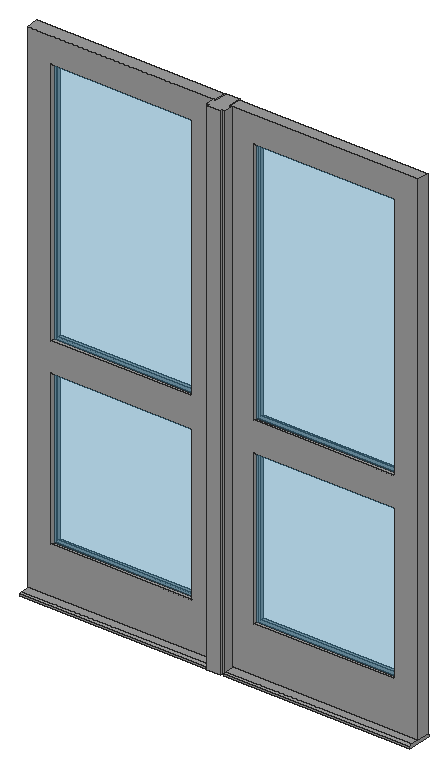
Revit family "MS-375TC DOOR-Double-1-PD-CJB-SF_v05", category Curtain Panels, Revit 2015
Parameters
  Width [instance] = 6' - 2"
  URL = "obe.com"
  Rough Width [instance] = 6' - 2 1/2"
  Offset [instance] = 0' - 0"
  Model = "MS-375TC DOOR"
  Min Panel Width [instance] = if(Rough Width > 6' 2 1/2", Rough Width, 6' 2 1/2")  # 6' - 2 1/2"
  Manufacturer = "Oldcastle BuildingEnvelope®"
  Keynote = "08 11 00"
  Height [instance] = 8' - 0"
  Pushbar Height [instance] = 3' - 5 1/4"  # constant formula
  Glass Material = Glass
  Frame Material = Aluminum
  Door Panel Height [instance] = Height + 0' 0 19/32"  # 8' - 0 19/32"
  Description = "MS-375TC - 1\" Door Infill"
  Assembly Code = "B2030"
  Analytic Construction = "<None>"
  8 Muntin [instance] = not([4 Muntin])  # no
  4 Muntin [instance] = yes
  8 Bottom Rail [instance] = yes
  10 Bottom Rail [instance] = not([8 Bottom Rail])  # no
Reference planes (in)
  plane 1 "Front": y = 0
  plane 2: z = 0
  plane 3 "Center (Left/Right)": x = 0
  plane 4 "Left": x = -37
  plane 5 "Right": x = 37
  plane 6 "Top": z = 96
  plane 7: x = -37.25
  plane 8: x = 37.25
Text (in)
  text "Exterior" at (-54.29358, 31.38743, 0), in view "Ref. Level"
  text "Exterior" at (480, 41.53993, 89.60405), in view "Right"
  text "Exterior" at (-240, 57.82419, 105.78864), in view "Left"
Dimensions and locks (in)
  equal spacing: plane 4 "Left", plane 3 "Center (Left/Right)", plane 5 "Right"
  "Width": plane 4 "Left" to plane 5 "Right"
  "Height": plane 6 "Top" to plane 2
  equal spacing: plane 7, plane 3 "Center (Left/Right)", plane 8
  "Min Panel Width": plane 7 to plane 8
  aligned and locked: level to plane 2
  aligned and locked: plane 3 "Center (Left/Right)" to nested 1
  aligned and locked: plane 1 "Front" to nested 1
Nested families (in)
  nested 1: "MS-375TC DOOR-Double-1-PD-CJB-Panel_v05" at (0, -24, 0), Frame Material <- "Frame Material", Glass Material <- "Glass Material", 4 Muntin <- "4 Muntin", 8 Muntin <- "8 Muntin", 8 Bottom Rail <- "8 Bottom Rail", Height <- "Door Panel Height", Width <- "Min Panel Width", Offset <- "Offset", type "MS-375TC DOOR-Double-1-PD-Panel"
    with Wing Width 3' - 1 1/4", built-in parameter 1001301 6' - 2 1/2", Pushbar Heigth 3' - 5 1/4", Offset 0' - 0", built-in parameter 1001300 8' - 0 19/32", Glass at Muntin 0' - 4 9/16", Glass Material Glass, Frame Material Aluminum, Bottom Rail 0' - 8 29/32", 8 Muntin no, 8 Bottom Rail yes, 4 Muntin yes, 10 Bottom Rail no
Definition of nested family "MS-375TC DOOR-Double-1-PD-CJB-Panel_v05"
  Parameters (values of type "MS-375TC DOOR-Double-1-PD-Panel")
    Wing Width [instance] = Width / 2  # 3' - 0"
    Width [instance] = 6' - 0"
    Pushbar Heigth [instance] = 3' - 5 1/4"  # constant formula
    Offset [instance] = 0' - 1"
    Height [instance] = 8' - 0"
    Glass at Muntin [instance] = if([4 Muntin], 0' 4 9/16", 0' 8 9/16")  # 0' - 4 9/16"
    Glass Material [instance] = none
    Frame Material [instance] = none
    Bottom Rail [instance] = if([10 Bottom Rail], 0' 10 29/32", 0' 8 29/32")  # 0' - 8 29/32"
    Analytic Construction = "<None>"
    8 Muntin [instance] = not([4 Muntin])  # no
    10 Bottom Rail [instance] = not([8 Bottom Rail])  # no
    4 Muntin [instance] = yes
    8 Bottom Rail [instance] = yes
  Reference planes (in)
    plane 1 "00": y = 21.75
    plane 2: z = 0
    plane 3 "Center (Left/Right)": x = 0
    plane 4: z = 96
    plane 5: x = -36
    plane 6: x = 36
    plane 7 "Center (Front/Back)": y = 24
    plane 8 "Exterior": y = 22.25
    plane 9: z = 48
    plane 10: z = 8.90625
    plane 11: z = 43.53125
    plane 12: z = 38.96875
    plane 13: z = 90.94129
    plane 14: z = 0
    plane 15: x = 31.81629
    plane 16: x = -31.81629
    plane 17 "Offset": y = 23
    plane 18: z = 41.25
  Forms (in)
    Sweep 1, solid, material <- "Frame Material"
      path origin (0, 21.75, 0) x (1, 0, 0) y (0, 0, 1)
        loop
          line (-35.74884, 96) -> (-1.50141, 96)
      profile origin (-18.62512, 21.75, 96) x (0, 0, 1) y (0, -1, 0)
        loop
          line (-0.59375, -1.12355) -> (-0.59375, 1.12745) -> (-5.46871, 1.12745) -> (-5.46871, 0.5) -> (-5.05871, 0.5) -> (-5.05871, -0.5) -> (-5.46871, -0.5) -> (-5.46871, -1.12355) -> (-0.59375, -1.12355)
    Sweep 2, solid, material <- "Frame Material"
      path origin (0, 21.75, 0) x (1, 0, 0) y (0, 0, 1)
        loop
          line (-1.50141, 0) -> (-35.74884, 0)
      profile origin (-18.62512, 21.75, 0) x (0, 0, -1) y (0, -1, 0)
        loop
          line (-4.93343, -1.12355) -> (-0.68754, -1.12355) -> (-0.68754, 1.12745) -> (-4.93343, 1.12745) -> (-9.4375, 1.12745) -> (-9.4375, 0.5) -> (-8.90625, 0.5) -> (-8.90625, -0.5) -> (-9.4375, -0.5) -> (-9.4375, -1.12355) -> (-4.93343, -1.12355)
    Sweep 3, solid, material <- "Frame Material"
      path origin (0, 21.75, 0) x (1, 0, 0) y (0, 0, 1)
        loop
          line (36, 95.40625) -> (36, 0.68754)
      profile origin (36, 21.75, 48.0469) x (0, -1, 0) y (1, 0, 0)
        loop
          line (-1.12355, -0.09375) -> (-1.12355, -4.59371) -> (-0.5, -4.59371) -> (-0.5, -4.18371) -> (0.5, -4.18371) -> (0.5, -4.59371) -> (1.12745, -4.59371) -> (1.12745, -0.25116) -> (-1.12355, -0.09375)
    Sweep 4, solid, material <- "Frame Material"
      path origin (0, 21.75, 0) x (1, 0, 0) y (0, 0, 1)
        loop
          line (-36, 95.40625) -> (-36, 0.68754)
      profile origin (-36, 21.75, 48.0469) x (0, -1, 0) y (1, 0, 0)
        loop
          line (-1.12355, 4.59371) -> (-1.12355, 0.09375) -> (1.12745, 0.25116) -> (1.12745, 4.59371) -> (0.5, 4.59371) -> (0.5, 4.18371) -> (-0.5, 4.18371) -> (-0.5, 4.59371) -> (-1.12355, 4.59371)
    Sweep 5, solid, material <- "Frame Material"
      path origin (0, 21.75, 0) x (1, 0, 0) y (0, 0, 1)
        loop
          line (-1.50141, 48) -> (-35.74884, 48)
      profile origin (-18.62512, 21.75, 48) x (0, 0, -1) y (0, -1, 0)
        loop
          line (3.93679, -0.5) -> (3.93679, -1.12355) -> (9.43671, -1.12355) -> (9.43671, -0.5) -> (9.03125, -0.5) -> (9.03125, 0.5) -> (9.43671, 0.5) -> (9.43671, 1.12745) -> (3.93679, 1.12745) -> (3.93679, 0.5) -> (4.46875, 0.5) -> (4.46875, -0.5) -> (3.93679, -0.5)
    Sweep 6, solid, material <- "Frame Material"
      path origin (0, 21.75, 0) x (1, 0, 0) y (0, 0, 1)
        loop
          line (0, 95.40625) -> (0, 0.68754)
      profile origin (0, 21.75, 48.0469) x (0, -1, 0) y (1, 0, 0)
        loop
          line (-1.12355, -5.84396) -> (-0.5, -5.84396) -> (-0.5, -5.43396) -> (0.5, -5.43396) -> (0.5, -5.84396) -> (1.12745, -5.84396) -> (1.12745, -1.50141) -> (-1.12355, -1.344) -> (-1.12355, -5.84396)
        loop
          line (1.12745, 5.84396) -> (0.5, 5.84396) -> (0.5, 5.43396) -> (-0.5, 5.43396) -> (-0.5, 5.84396) -> (-1.12355, 5.84396) -> (-1.12355, 1.344) -> (1.12745, 1.50141) -> (1.12745, 5.84396)
    Sweep 7, solid, material <- "Frame Material"
      path origin (0, 21.75, 0) x (1, 0, 0) y (0, 0, 1)
        loop
          line (1.50141, 96) -> (35.74884, 96)
      profile origin (18.62513, 21.75, 96) x (0, 0, 1) y (0, -1, 0)
        loop
          line (-0.59375, -1.12355) -> (-0.59375, 1.12745) -> (-3.83589, 1.12745) -> (-5.46871, 1.12745) -> (-5.46871, 0.5) -> (-5.05871, 0.5) -> (-5.05871, -0.5) -> (-5.46871, -0.5) -> (-5.46871, -1.12355) -> (-3.83589, -1.12355) -> (-0.59375, -1.12355)
    Sweep 8, solid, material <- "Frame Material"
      path origin (0, 21.75, 0) x (1, 0, 0) y (0, 0, 1)
        loop
          line (35.74884, 48) -> (1.50141, 48)
      profile origin (18.62513, 21.75, 48) x (0, 0, -1) y (0, -1, 0)
        loop
          line (3.93679, -0.5) -> (3.93679, -1.12355) -> (9.43671, -1.12355) -> (9.43671, -0.5) -> (9.03125, -0.5) -> (9.03125, 0.5) -> (9.43671, 0.5) -> (9.43671, 1.12745) -> (3.93679, 1.12745) -> (3.93679, 0.5) -> (4.46875, 0.5) -> (4.46875, -0.5) -> (3.93679, -0.5)
    Sweep 9, solid, material <- "Frame Material"
      path origin (0, 21.75, 0) x (1, 0, 0) y (0, 0, 1)
        loop
          line (35.74884, 0) -> (1.50141, 0)
      profile origin (18.62513, 21.75, 0) x (0, 0, -1) y (0, -1, 0)
        loop
          line (-3.49593, -1.12355) -> (-0.68754, -1.12355) -> (-0.68754, 1.12745) -> (-9.4375, 1.12745) -> (-9.4375, 0.5) -> (-8.90625, 0.5) -> (-8.90625, -0.5) -> (-9.4375, -0.5) -> (-9.4375, -1.12355) -> (-3.49593, -1.12355)
    Extrusion 10, solid, detail levels coarse
      sketch origin (0, 0, 0) x (1, 0, 0) y (0, 1, 0)
        loop
          line (31.81629, 22.25) -> (5.43396, 22.25) -> (5.43396, 21.25) -> (31.81629, 21.25) -> (31.81629, 22.25)
      from 38.96875 to 8.90625
    Extrusion 11, solid, material <- "Glass Material", detail levels medium+fine
      sketch origin (0, 0, 0) x (1, 0, 0) y (0, 1, 0)
        loop
          line (31.81629, 22.25) -> (5.43396, 22.25) -> (5.43396, 22.002) -> (31.81629, 22.002) -> (31.81629, 22.25)
        loop
          line (31.81629, 21.498) -> (5.43396, 21.498) -> (5.43396, 21.25) -> (31.81629, 21.25) -> (31.81629, 21.498)
      from 8.90625 to 38.96875
    Extrusion 12, solid, material <- "Glass Material", detail levels medium+fine
      sketch origin (0, 0, 0) x (1, 0, 0) y (0, 1, 0)
        loop
          line (5.43396, 22.25) -> (5.43396, 22.002) -> (31.81629, 22.002) -> (31.81629, 22.25) -> (5.43396, 22.25)
        loop
          line (31.81629, 21.25) -> (31.81629, 21.498) -> (5.43396, 21.498) -> (5.43396, 21.25) -> (31.81629, 21.25)
      from 43.53125 to 90.94129
    Extrusion 13, solid, material <- "Glass Material", detail levels coarse
      sketch origin (0, 0, 0) x (1, 0, 0) y (0, 1, 0)
        loop
          line (5.43396, 22.25) -> (5.43396, 21.25) -> (31.81629, 21.25) -> (31.81629, 22.25) -> (5.43396, 22.25)
      from 43.53125 to 90.94129
    Extrusion 14, solid, material <- "Glass Material", detail levels medium+fine
      sketch origin (0, 0, 0) x (1, 0, 0) y (0, 1, 0)
        loop
          line (-31.81629, 22.25) -> (-31.81629, 22.002) -> (-5.43396, 22.002) -> (-5.43396, 22.25) -> (-31.81629, 22.25)
        loop
          line (-31.81629, 21.498) -> (-31.81629, 21.25) -> (-5.43396, 21.25) -> (-5.43396, 21.498) -> (-31.81629, 21.498)
      from 8.90625 to 38.96875
    Extrusion 15, solid, material <- "Glass Material", detail levels coarse
      sketch origin (0, 0, 0) x (1, 0, 0) y (0, 1, 0)
        loop
          line (-31.81629, 22.25) -> (-31.81629, 21.25) -> (-5.43396, 21.25) -> (-5.43396, 22.25) -> (-31.81629, 22.25)
      from 43.53125 to 90.94129
    Extrusion 16, solid, material <- "Glass Material", detail levels coarse
      sketch origin (0, 0, 0) x (1, 0, 0) y (0, 1, 0)
        loop
          line (-31.81629, 22.25) -> (-31.81629, 21.25) -> (-5.43396, 21.25) -> (-5.43396, 22.25) -> (-31.81629, 22.25)
      from 8.90625 to 38.96875
    Extrusion 17, solid, material <- "Glass Material", detail levels medium+fine
      sketch origin (0, 0, 0) x (1, 0, 0) y (0, 1, 0)
        loop
          line (-31.81629, 22.25) -> (-31.81629, 22.002) -> (-5.43396, 22.002) -> (-5.43396, 22.25) -> (-31.81629, 22.25)
        loop
          line (-31.81629, 21.498) -> (-31.81629, 21.25) -> (-5.43396, 21.25) -> (-5.43396, 21.498) -> (-31.81629, 21.498)
      from 43.53125 to 90.94129
    Sweep 18, solid, material <- "Frame Material"
      path origin (0, 21.75, 0) x (1, 0, 0) y (0, 0, 1)
        loop
          line (0, 95.40625) -> (0, 0)
      profile origin (0, 21.75, 47.70312) x (0, -1, 0) y (1, 0, 0)
        loop
          line (3.25145, -1.25) -> (3.25145, 1.25) -> (2.83945, 1.25) -> (2.83945, 1.75) -> (1.12745, 1.75) -> (1.12745, 1.25) -> (-1.24855, 1.25) -> (-1.24855, -1.25) -> (1.12745, -1.25) -> (1.12745, -1.75) -> (2.83945, -1.75) -> (2.83945, -1.25) -> (3.25145, -1.25)
    Sweep 19, solid, material <- "Frame Material"
      path origin (0, 23, 0) x (1, 0, 0) y (0, 0, 1)
        loop
          line (35.74884, 0) -> (1.75, 0)
      profile origin (18.74942, 23, 0) x (0, 0, -1) y (0, -1, 0)
        loop
          line (-0.49954, 3.75746) -> (-0.49954, 0.25744) -> (-0.24955, -0.24255) -> (0, -0.24255) -> (0, 4.25745) -> (-0.24955, 4.25745) -> (-0.49954, 3.75746)
    Sweep 20, solid, material <- "Frame Material"
      path origin (0, 23, 0) x (1, 0, 0) y (0, 0, 1)
        loop
          line (-1.75, 0) -> (-35.74884, 0)
      profile origin (-18.74942, 23, 0) x (0, 0, -1) y (0, -1, 0)
        loop
          line (-0.49954, 3.75746) -> (-0.49954, 0.25744) -> (-0.24955, -0.24255) -> (0, -0.24255) -> (0, 4.25745) -> (-0.24955, 4.25745) -> (-0.49954, 3.75746)
  Cuts and joins
    joined: Sweep 1, Sweep 2, Sweep 3, Sweep 4, Sweep 5, Sweep 6, Sweep 7, Sweep 8, Sweep 9
    joined: Sweep 18, Sweep 19, Sweep 20
  Lines and regions (in)
    model lines
      curve 1: line (5.84396, 22.25, 90.53129) -> (31.40629, 22.25, 48)
      curve 2: line (31.40629, 22.25, 48) -> (5.84396, 22.25, 9.4375)
      curve 3: line (-5.84396, 22.25, 90.54626) -> (-31.40629, 22.25, 48)
      curve 4: line (-31.40629, 22.25, 48) -> (-5.84396, 22.25, 9.4375)
  Dimensions and locks (in)
    "Height": plane 4 to level
    equal spacing: plane 5, plane 3 "Center (Left/Right)", plane 6
    "Offset": plane 17 "Offset" to plane 7 "Center (Front/Back)"
    plane 1 "00" to plane 8 "Exterior" to plane 17 "Offset" = 0' - 0 1/2" locked, 0' - 0 3/4" locked
    equal spacing: level, plane 9, plane 4
    locked: plane 3 "Center (Left/Right)" to Sweep 2 sketch curve at 1.50141
    locked: Sweep 9 sketch curve to plane 3 "Center (Left/Right)" at 1.50141
    plane 12 to Sweep 8 sketch curve = 0' - 0.40546"  (x2)
    Sweep 8 sketch curve to plane 11 = 0' - 0.53196"  (x2)
    locked: Sweep 9 sketch curve to plane 10 at 0.53125  (x2)
    locked: Sweep 2 sketch curve to plane 10 at 0.53125  (x2)
    locked: Sweep 5 sketch curve to plane 11 at 0.53196  (x2)
    locked: plane 12 to Sweep 5 sketch curve at 0.40546  (x2)
    equal spacing: plane 4, plane 9, plane 14
    locked: plane 4 to plane 13 at 5.05871
    "Bottom Rail": plane 10 to plane 14
    "Glass at Muntin": plane 11 to plane 12
    locked: plane 15 to plane 6 at 4.18371
    locked: plane 5 to plane 16 at 4.18371
    locked: Sweep 2 sketch curve to plane 5 at 0.25116
    locked: plane 6 to Sweep 9 sketch curve at 0.25116
    "Width": plane 5 to plane 6
    equal spacing: plane 11, plane 18, plane 12
    "Pushbar Heigth": plane 18 to plane 14
    locked: Sweep 20 sketch curve to plane 5 at 0.25116
    locked: plane 3 "Center (Left/Right)" to Sweep 20 sketch curve at 1.75
    locked: plane 14 to Sweep 6 sketch curve at 0.68754
    locked: Sweep 19 sketch curve to plane 3 "Center (Left/Right)" at 1.75
    locked: plane 6 to Sweep 19 sketch curve at 0.25116
    aligned and locked: plane 2 to level
    aligned and locked: Sweep 1 sketch curve to plane 4
    aligned and locked: Sweep 2 sketch curve to level
    aligned and locked: Sweep 5 sketch curve to plane 9
    aligned and locked: plane 3 "Center (Left/Right)" to Sweep 6 sketch curve
    aligned and locked: Sweep 9 sketch curve to level
    aligned and locked: Sweep 8 sketch curve to plane 9
    aligned and locked: plane 4 to Sweep 7 sketch curve
    aligned and locked: Sweep 8 sketch curve to plane 11
    aligned and locked: plane 12 to Sweep 8 sketch curve
    aligned and locked: plane 10 to cut or joined group of Sweep 1, Sweep 2, Sweep 3, Sweep 4, Sweep 5, Sweep 6, Sweep 7, Sweep 8, Sweep 9
    aligned and locked: Extrusion 14 to plane 10
    aligned and locked: plane 12 to Extrusion 14
    aligned and locked: Extrusion 15 to plane 11
    aligned and locked: plane 13 to Extrusion 15
    aligned and locked: Extrusion 17 to plane 11
    aligned and locked: plane 13 to Extrusion 17
    aligned and locked: Extrusion 16 to plane 10
    aligned and locked: plane 12 to Extrusion 16
    aligned and locked: Extrusion 12 to plane 11
    aligned and locked: plane 11 to cut or joined group of Sweep 1, Sweep 2, Sweep 3, Sweep 4, Sweep 5, Sweep 6, Sweep 7, Sweep 8, Sweep 9
    aligned and locked: cut or joined group of Sweep 1, Sweep 2, Sweep 3, Sweep 4, Sweep 5, Sweep 6, Sweep 7, Sweep 8, Sweep 9 to plane 13
    aligned and locked: plane 13 to Extrusion 12
    aligned and locked: plane 13 to Extrusion 13
    aligned and locked: Extrusion 13 to plane 11
    aligned and locked: plane 12 to Extrusion 10
    aligned and locked: plane 12 to Extrusion 11
    aligned and locked: Extrusion 11 to plane 10
    aligned and locked: Extrusion 10 to plane 10
    aligned and locked: Sweep 7 sketch curve to plane 13
    aligned and locked: plane 11 to Sweep 5 sketch curve
    aligned and locked: Sweep 5 sketch curve to plane 12
    aligned and locked: plane 10 to Sweep 2 sketch curve
    aligned and locked: Sweep 1 sketch curve to plane 13
    aligned and locked: plane 9 to curve 4
    aligned and locked: Sweep 3 sketch curve to plane 6
    aligned and locked: Sweep 4 sketch curve to plane 5
    aligned and locked: Sweep 18 sketch curve to plane 3 "Center (Left/Right)"
    aligned and locked: plane 14 to Sweep 18 sketch curve
    aligned and locked: Sweep 19 sketch curve to plane 14
    aligned and locked: Sweep 20 sketch curve to plane 14
    aligned and locked: curve 1 to Sweep 3 sketch curve
    aligned and locked: Sweep 3 sketch curve to Sweep 3 sketch curve
    aligned and locked: Sweep 6 sketch curve to curve 2  (x2)
    aligned and locked: plane 8 "Exterior" to Sweep 6 sketch curve
    aligned and locked: curve 4 to Sweep 6 sketch curve
    aligned and locked: Sweep 6 sketch curve to plane 8 "Exterior"
    aligned and locked: Sweep 6 sketch curve to curve 4
    aligned and locked: Sweep 4 sketch curve to curve 3
    aligned and locked: Sweep 4 sketch curve to Sweep 4 sketch curve
    aligned and locked: Sweep 6 to Sweep 8 sketch curve
    aligned and locked: cut or joined group of Sweep 1, Sweep 2, Sweep 3, Sweep 4, Sweep 5, Sweep 6, Sweep 7, Sweep 8, Sweep 9 to Sweep 8 sketch curve
    aligned and locked: Sweep 7 sketch curve to Sweep 6
    aligned and locked: Sweep 18 sketch curve to cut or joined group of Sweep 1, Sweep 2, Sweep 3, Sweep 4, Sweep 5, Sweep 6, Sweep 7, Sweep 8, Sweep 9
    aligned and locked: Sweep 6 to Sweep 1 sketch curve
    aligned and locked: Sweep 6 to Sweep 5 sketch curve
    aligned and locked: Extrusion 16 sketch curve to curve 3
    aligned and locked: Extrusion 14 sketch curve to cut or joined group of Sweep 1, Sweep 2, Sweep 3, Sweep 4, Sweep 5, Sweep 6, Sweep 7, Sweep 8, Sweep 9
    aligned and locked: Extrusion 17 sketch curve to Extrusion 17 sketch curve  (x2)
    aligned and locked: Extrusion 17 sketch curve to plane 8 "Exterior"
    aligned and locked: Extrusion 15 sketch curve to plane 8 "Exterior"
    aligned and locked: Extrusion 13 sketch curve to curve 1
    aligned and locked: Extrusion 12 sketch curve to Extrusion 12 sketch curve  (x2)
    aligned and locked: Extrusion 12 sketch curve to curve 1
    aligned and locked: Extrusion 11 sketch curve to Extrusion 12
  Automatic sketch dimensions
    Sweep 5 sketch curve to plane 1 "00" = 0' - 1.12355"
    Sweep 5 sketch curve to plane 1 "00" = 0' - 0 1/2"  (x2)
    plane 1 "00" to Sweep 5 sketch curve = 0' - 0 1/2"  (x2)
    Sweep 5 sketch curve to Sweep 5 sketch curve = 0' - 0.62745"
    Sweep 2 sketch curve to plane 1 "00" = 0' - 1.12355"
    Sweep 2 sketch curve to Sweep 2 sketch curve = 0' - 3.97282"
    Sweep 2 sketch curve to Sweep 2 sketch curve = 0' - 0"
    profile plane to Sweep 2 sketch curve = 0' - 0.68754"
    Sweep 2 sketch curve to plane 1 "00" = 0' - 0 1/2"
    plane 1 "00" to Sweep 2 sketch curve = 0' - 0 1/2"
    plane 1 "00" to Sweep 2 sketch curve = 0' - 1.12745"
    Sweep 9 sketch curve to Sweep 9 sketch curve = 0' - 0 17/32"
    Sweep 9 sketch curve to plane 1 "00" = 0' - 1.12355"
    Sweep 9 sketch curve to Sweep 9 sketch curve = 0' - 2.80839"
    profile plane to Sweep 9 sketch curve = 0' - 0.68754"
    Sweep 9 sketch curve to plane 1 "00" = 0' - 0 1/2"
    plane 1 "00" to Sweep 9 sketch curve = 0' - 0 1/2"
    Sweep 9 sketch curve to Sweep 9 sketch curve = 0' - 0.62745"
    Sweep 7 sketch curve to Sweep 7 sketch curve = 0' - 0.41"  (x2)
    Sweep 7 sketch curve to Sweep 7 sketch curve = 0' - 1.22282"  (x2)
    profile plane to Sweep 7 sketch curve = 0' - 0 19/32"
    Sweep 7 sketch curve to plane 1 "00" = 0' - 1.12355"
    Sweep 7 sketch curve to plane 1 "00" = 0' - 0 1/2"
    plane 1 "00" to Sweep 7 sketch curve = 0' - 0 1/2"
    plane 1 "00" to Sweep 7 sketch curve = 0' - 1.12745"
    Sweep 8 sketch curve to plane 1 "00" = 0' - 1.12355"
    Sweep 8 sketch curve to plane 1 "00" = 0' - 0 1/2"  (x2)
    plane 1 "00" to Sweep 8 sketch curve = 0' - 0 1/2"  (x2)
    Sweep 8 sketch curve to Sweep 8 sketch curve = 0' - 0.62745"
    curve 1 to plane 9 = 0' - 0"
    plane 5 to curve 3 = 0' - 4.59371"
    plane 10 to curve 4 = 0' - 0 17/32"
    plane 10 to curve 2 = 0' - 0 17/32"
    curve 1 to plane 13 = 0' - 0.41"
    curve 3 to plane 13 = 0' - 0.39503"
    Sweep 18 sketch curve to plane 1 "00" = 0' - 1.24855"
    plane 1 "00" to Sweep 18 sketch curve = 0' - 1.12745"  (x2)
    Sweep 18 sketch curve to Sweep 18 sketch curve = 0' - 1.712"  (x2)
    Sweep 18 sketch curve to Sweep 18 sketch curve = 0' - 0.412"
    profile plane to Sweep 18 sketch curve = 0' - 1 3/4"
    Sweep 18 sketch curve to Sweep 18 sketch curve = 0' - 0 1/2"  (x3)
    Sweep 18 sketch curve to profile plane = 0' - 1 1/4"  (x2)
    Sweep 19 sketch curve to profile plane = 0' - 0"
    Sweep 19 sketch curve to Sweep 19 sketch curve = 0' - 0.24955"  (x2)
    profile plane to Sweep 19 sketch curve = 0' - 0.49954"
    Sweep 19 sketch curve to plane 17 "Offset" = 0' - 0.24255"
    plane 17 "Offset" to Sweep 19 sketch curve = 0' - 0.25744"
    Sweep 19 sketch curve to Sweep 19 sketch curve = 0' - 3.50002"
    Sweep 19 sketch curve to Sweep 19 sketch curve = 0' - 0 1/2"
    profile plane to Sweep 20 sketch curve = 0' - 0.49954"
    plane 17 "Offset" to Sweep 20 sketch curve = 0' - 0.25744"
    profile plane to Sweep 20 sketch curve = 0' - 0.24955"  (x2)
    Sweep 20 sketch curve to plane 17 "Offset" = 0' - 0.24255"
    Sweep 20 sketch curve to Sweep 20 sketch curve = 0' - 3.50002"
    Sweep 20 sketch curve to profile plane = 0' - 0"
    Sweep 20 sketch curve to Sweep 20 sketch curve = 0' - 0 1/2"
    curve 2 to plane 15 = 0' - 0.41"
    curve 3 to plane 3 "Center (Left/Right)" = 0' - 5.84396"
    curve 4 to plane 3 "Center (Left/Right)" = 0' - 5.84396"
    plane 3 "Center (Left/Right)" to curve 2 = 0' - 5.84396"
    plane 3 "Center (Left/Right)" to curve 1 = 0' - 5.84396"
    Sweep 1 sketch curve to Sweep 1 sketch curve = 0' - 0.41"  (x2)
    Sweep 1 sketch curve to plane 1 "00" = 0' - 1.12355"
    Sweep 1 sketch curve to plane 1 "00" = 0' - 0 1/2"
    plane 1 "00" to Sweep 1 sketch curve = 0' - 0 1/2"
    plane 1 "00" to Sweep 1 sketch curve = 0' - 1.12745"
    profile plane to Sweep 1 sketch curve = 0' - 0 19/32"
    level to Sweep 3 sketch curve = 0' - 0.68754"
    Sweep 3 sketch curve to plane 4 = 0' - 0 19/32"
    Sweep 7 sketch curve to plane 6 = 0' - 0.25116"
    level to Sweep 4 sketch curve = 0' - 0.68754"
    Sweep 4 sketch curve to plane 4 = 0' - 0 19/32"
    plane 5 to Sweep 1 sketch curve = 0' - 0.25116"
    Sweep 6 sketch curve to plane 4 = 0' - 0 19/32"
    plane 5 to Sweep 5 sketch curve = 0' - 0.25116"
    plane 1 "00" to Sweep 3 sketch curve = 0' - 0 1/2"
    profile plane to Sweep 3 sketch curve = 0' - 0 3/32"
    Sweep 4 sketch curve to profile plane = 0' - 0 3/32"
    Sweep 3 sketch curve to plane 1 "00" = 0' - 1.12355"
    profile plane to Sweep 3 sketch curve = 0' - 0.25116"
    plane 1 "00" to Sweep 3 sketch curve = 0' - 1.12745"
    Sweep 3 sketch curve to Sweep 3 sketch curve = 0' - 3.93255"
    Sweep 3 sketch curve to Sweep 3 sketch curve = 0' - 0.41"
    Sweep 4 sketch curve to plane 1 "00" = 0' - 1.12355"
    plane 1 "00" to Sweep 4 sketch curve = 0' - 0 1/2"
    Sweep 4 sketch curve to Sweep 4 sketch curve = 0' - 0.62745"
    Sweep 4 sketch curve to profile plane = 0' - 0.25116"
    Sweep 4 sketch curve to Sweep 4 sketch curve = 0' - 4.08996"
    Sweep 4 sketch curve to Sweep 4 sketch curve = 0' - 0.41"
    plane 1 "00" to Sweep 6 sketch curve = 0' - 0 1/2"  (x2)
    Sweep 6 sketch curve to Sweep 6 sketch curve = 0' - 0.62745"
    plane 1 "00" to Sweep 6 sketch curve = 0' - 1.12745"
    Sweep 6 sketch curve to Sweep 6 sketch curve = 0' - 0.41"  (x2)
    profile plane to Sweep 6 sketch curve = 0' - 1.50141"
    profile plane to Sweep 6 sketch curve = 0' - 1.344"
    Sweep 6 sketch curve to profile plane = 0' - 1.344"
    Sweep 6 sketch curve to profile plane = 0' - 1.50141"
    plane 8 "Exterior" to Extrusion 10 sketch curve = 0' - 0"
    Extrusion 10 sketch curve to plane 15 = 0' - 0"
    plane 1 "00" to Extrusion 10 sketch curve = 0' - 0 1/2"
    plane 3 "Center (Left/Right)" to Extrusion 10 sketch curve = 0' - 5.43396"
    plane 8 "Exterior" to Extrusion 11 sketch curve = 0' - 0"
    Extrusion 11 sketch curve to plane 15 = 0' - 0"
    plane 1 "00" to Extrusion 11 sketch curve = 0' - 0.252"
    plane 3 "Center (Left/Right)" to Extrusion 11 sketch curve = 0' - 5.43396"
    Extrusion 11 sketch curve to Extrusion 11 sketch curve = 0' - 0"
    Extrusion 11 sketch curve to Extrusion 11 sketch curve = 0' - 0.248"  (x2)
    Extrusion 12 sketch curve to plane 15 = 0' - 0"
    plane 3 "Center (Left/Right)" to Extrusion 12 sketch curve = 0' - 5.43396"
    Extrusion 12 sketch curve to Extrusion 12 sketch curve = 0' - 0.248"  (x2)
    plane 1 "00" to Extrusion 12 sketch curve = 0' - 0.252"
    Extrusion 13 sketch curve to plane 15 = 0' - 0"
    plane 3 "Center (Left/Right)" to Extrusion 13 sketch curve = 0' - 5.43396"
    plane 1 "00" to Extrusion 13 sketch curve = 0' - 0 1/2"
    Extrusion 14 sketch curve to plane 16 = 0' - 0"  (x2)
    plane 1 "00" to Extrusion 14 sketch curve = 0' - 0.252"
    Extrusion 14 sketch curve to plane 3 "Center (Left/Right)" = 0' - 5.43396"
    Extrusion 14 sketch curve to Extrusion 14 sketch curve = 0' - 0"
    Extrusion 14 sketch curve to Extrusion 14 sketch curve = 0' - 0.248"  (x2)
    Extrusion 15 sketch curve to plane 16 = 0' - 0"
    Extrusion 15 sketch curve to plane 3 "Center (Left/Right)" = 0' - 5.43396"
    plane 1 "00" to Extrusion 15 sketch curve = 0' - 0 1/2"
    Extrusion 16 sketch curve to plane 16 = 0' - 0"
    Extrusion 16 sketch curve to plane 3 "Center (Left/Right)" = 0' - 5.43396"
    plane 1 "00" to Extrusion 16 sketch curve = 0' - 0 1/2"
    Extrusion 17 sketch curve to plane 16 = 0' - 0"
    Extrusion 17 sketch curve to plane 3 "Center (Left/Right)" = 0' - 5.43396"
    Extrusion 17 sketch curve to Extrusion 17 sketch curve = 0' - 0.248"  (x2)
    plane 1 "00" to Extrusion 17 sketch curve = 0' - 0.252"
    Sweep 6 sketch curve to Sweep 6 sketch curve = 0' - 0.62355"
    Sweep 6 sketch curve to plane 1 "00" = 0' - 1.12355"
